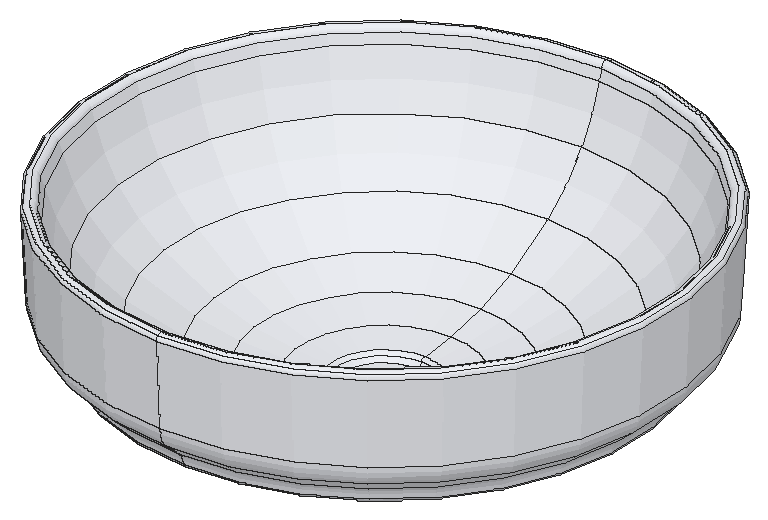
Revit family "876700W SCULPTURAL ROUND 405 INSET BASIN NO TAP LANDING NTH NOF", category Plumbing Fixtures, host Face, Revit 2015
Parameters (values of type "SCULPTURAL ROUND 405 INSET BASIN NO TAP LANDING NTH NOF")
  Waste Connection = yes
  Vent Connection = no
  URL = "https://www.caroma.com.au/"
  Model = "876700W"
  Material_Waste = GWA_Metal-Chrome
  Material_Basin = GWA-Porcelain-White
  Manufacturer = "GWA Bathrooms & Kitchens"  # constant formula
  HW Connection = no
  Description = "SCULPTURAL ROUND 405 INSET BASIN NO TAP LANDING NTH NOF"
  Default Elevation = 0 mm
  CreatedBy_ANZRS = "GWA Bathrooms & Kitchens"  # constant formula
  CW Connection = no
  Assembly Code = "D2010400"
Reference planes
  plane 1 "Center (Front/Back)": y = 0
  plane 2: z = 0
  plane 3 "Center (Left/Right)": x = 0
  plane 4: z = -42.705
Forms (mm)
  Revolve 1, solid, material "GWA-Porcelain-White" <- "Material_Basin"
    sketch origin (0, 3.786, 96.292) x (0, 1, 0) y (0, 0, 1)
      loop
        line (-197.75, -4.927) -> (-195.757, -11.858)
        arc (-195.757, -11.858) -> (-189.172, -30.313) -> (-180.327, -47.798) r 156.159
        arc (-180.327, -47.798) -> (-166.464, -65.475) -> (-149.873, -80.621) r 135.633
        arc (-149.873, -80.621) -> (-133.866, -91.718) -> (-116.816, -101.133) r 191.712
        arc (-116.816, -101.133) -> (-103.533, -107.016) -> (-89.855, -111.907) r 197.536
        arc (-89.855, -111.907) -> (-76.493, -115.493) -> (-62.865, -117.878) r 155.723
        arc (-62.865, -117.878) -> (-51.459, -119.312) -> (-40.059, -120.8) r 2429.634
        arc (-40.059, -120.8) -> (-38.492, -121.275) -> (-37.158, -122.224) r 5.07
        line (-37.158, -122.224) -> (-24.951, -134.431) -> (-24.951, -133.017) -> (-36.453, -121.515)
        arc (-36.453, -121.515) -> (-38.05, -120.378) -> (-39.927, -119.809) r 6.07
        arc (-39.927, -119.809) -> (-51.33, -118.32) -> (-62.74, -116.886) r 2430.634
        arc (-62.74, -116.886) -> (-76.278, -114.516) -> (-89.553, -110.954) r 154.723
        arc (-89.553, -110.954) -> (-103.162, -106.088) -> (-116.377, -100.234) r 196.536
        arc (-116.377, -100.234) -> (-133.339, -90.868) -> (-149.262, -79.829) r 190.712
        arc (-149.262, -79.829) -> (-165.722, -64.804) -> (-179.477, -47.27) r 134.633
        arc (-179.477, -47.27) -> (-188.258, -29.907) -> (-194.796, -11.582) r 155.159
        line (-194.796, -11.582) -> (-196.787, -4.658)
        arc (-196.787, -4.658) -> (-198.415, -2.115) -> (-201.204, -0.958) r 5.043
        arc (-201.204, -0.958) -> (-203.083, -1.133) -> (-204.778, -1.964) r 5.222
        arc (-204.778, -1.964) -> (-205.926, -3.329) -> (-206.337, -5.065) r 3.863
        line (-206.337, -5.065) -> (-203.459, -62.229)
        arc (-203.459, -62.229) -> (-201.396, -70.25) -> (-196.354, -76.821) r 20.703
        arc (-196.354, -76.821) -> (-191.169, -81.008) -> (-186.239, -85.494) r 112.992
        arc (-186.239, -85.494) -> (-183.31, -89.829) -> (-181.514, -94.745) r 21.507
        arc (-181.514, -94.745) -> (-180.81, -95.858) -> (-179.566, -96.292) r 2
        line (-179.566, -96.292) -> (-170.378, -96.292)
        arc (-170.378, -96.292) -> (-169.455, -96.066) -> (-168.74, -95.439) r 2
        line (-168.74, -95.439) -> (-168.175, -94.632) -> (-147.78, -94.632) -> (-139.727, -100.27) -> (-139.727, -99.049) -> (-147.464, -93.632) -> (-168.175, -93.632)
        arc (-168.175, -93.632) -> (-168.637, -93.745) -> (-168.994, -94.058) r 1
        line (-168.994, -94.058) -> (-169.559, -94.866)
        arc (-169.559, -94.866) -> (-169.917, -95.179) -> (-170.378, -95.292) r 1
        line (-170.378, -95.292) -> (-179.566, -95.292)
        arc (-179.566, -95.292) -> (-180.188, -95.075) -> (-180.54, -94.518) r 1
        arc (-180.54, -94.518) -> (-182.429, -89.355) -> (-185.514, -84.804) r 22.507
        arc (-185.514, -84.804) -> (-190.489, -80.274) -> (-195.723, -76.045) r 113.992
        arc (-195.723, -76.045) -> (-200.504, -69.798) -> (-202.46, -62.178) r 19.703
        line (-202.46, -62.178) -> (-205.337, -5.041)
        arc (-205.337, -5.041) -> (-205.027, -3.768) -> (-204.183, -2.767) r 2.863
        arc (-204.183, -2.767) -> (-202.812, -2.095) -> (-201.293, -1.954) r 4.222
        arc (-201.293, -1.954) -> (-199.054, -2.884) -> (-197.75, -4.927) r 4.043
      axis (-3.365, -0.958) -> (-3.365, -134.431)
    angle from 0 to 360
  Revolve 2, solid, material "GWA_Metal-Chrome" <- "Material_Waste"
    sketch origin (0, 3.365, 96.292) x (0, 1, 0) y (0, 0, 1)
      loop
        line (-33.365, -124.207) -> (-33.365, -125.007) -> (-27.138, -126.055)
        arc (-27.138, -126.055) -> (-26.625, -126.307) -> (-26.334, -126.799) r 1
        line (-26.334, -126.799) -> (-25.648, -129.552)
        arc (-25.648, -129.552) -> (-25.273, -130.428) -> (-24.642, -131.143) r 3
        line (-24.642, -131.143) -> (-22.338, -133.039)
        arc (-22.338, -133.039) -> (-22.063, -133.391) -> (-21.965, -133.827) r 1.02
        line (-21.965, -133.827) -> (-21.965, -135.997) -> (-19.529, -135.997) -> (-19.529, -134.623) -> (-20.573, -134.623) -> (-20.573, -132.997)
        arc (-20.573, -132.997) -> (-20.676, -132.556) -> (-20.962, -132.205) r 1
        line (-20.962, -132.205) -> (-24.222, -129.69) -> (-25.589, -124.207) -> (-33.365, -124.207)
      axis (-3.365, -124.207) -> (-3.365, -135.997)
    angle from 0 to 360
  Extrusion 3, solid, material "GWA_Metal-Chrome" <- "Material_Waste"
    sketch origin (0, 0, -38.332) x (-1, 0, 0) y (0, -1, 0)
      loop
        arc (7.025, 2.647) -> (5.309, 5.309) -> (2.647, 7.025) r 7.507
        arc (2.647, 7.025) -> (2.178, 7.392) -> (2, 7.961) r 1
        line (2, 7.961) -> (2, 14.864)
        arc (2, 14.864) -> (2.367, 15.638) -> (3.198, 15.844) r 1
        arc (3.198, 15.844) -> (0, 16.164) -> (-3.198, 15.844) r 16.164
        arc (-3.198, 15.844) -> (-2.367, 15.638) -> (-2, 14.864) r 1
        line (-2, 14.864) -> (-2, 7.961)
        arc (-2, 7.961) -> (-2.178, 7.392) -> (-2.647, 7.025) r 1
        arc (-2.647, 7.025) -> (-5.309, 5.309) -> (-7.025, 2.647) r 7.507
        arc (-7.025, 2.647) -> (-7.392, 2.178) -> (-7.961, 2) r 1
        line (-7.961, 2) -> (-14.864, 2)
        arc (-14.864, 2) -> (-15.638, 2.367) -> (-15.844, 3.198) r 1
        arc (-15.844, 3.198) -> (-16.164, 0) -> (-15.844, -3.198) r 16.164
        arc (-15.844, -3.198) -> (-15.638, -2.367) -> (-14.864, -2) r 1
        line (-14.864, -2) -> (-7.961, -2)
        arc (-7.961, -2) -> (-7.392, -2.178) -> (-7.025, -2.647) r 1
        arc (-7.025, -2.647) -> (-5.309, -5.309) -> (-2.647, -7.025) r 7.507
        arc (-2.647, -7.025) -> (-2.178, -7.392) -> (-2, -7.961) r 1
        line (-2, -7.961) -> (-2, -14.864)
        arc (-2, -14.864) -> (-2.367, -15.638) -> (-3.198, -15.844) r 1
        arc (-3.198, -15.844) -> (0, -16.164) -> (3.198, -15.844) r 16.164
        arc (3.198, -15.844) -> (2.367, -15.638) -> (2, -14.864) r 1
        line (2, -14.864) -> (2, -7.961)
        arc (2, -7.961) -> (2.178, -7.392) -> (2.647, -7.025) r 1
        arc (2.647, -7.025) -> (5.309, -5.309) -> (7.025, -2.647) r 7.507
        arc (7.025, -2.647) -> (7.392, -2.178) -> (7.961, -2) r 1
        line (7.961, -2) -> (14.864, -2)
        arc (14.864, -2) -> (15.638, -2.367) -> (15.844, -3.198) r 1
        arc (15.844, -3.198) -> (16.164, 0) -> (15.844, 3.198) r 16.164
        arc (15.844, 3.198) -> (15.638, 2.367) -> (14.864, 2) r 1
        line (14.864, 2) -> (7.961, 2)
        arc (7.961, 2) -> (7.392, 2.178) -> (7.025, 2.647) r 1
      loop
        circle (0, 0) r 3.428
    from -1.373 to 0
  Revolve 4, solid, material "GWA_Metal-Chrome" <- "Material_Waste"
    sketch origin (0, 3.365, 96.292) x (0, 1, 0) y (0, 0, 1)
      loop
        line (-9.439, -134.623) -> (-6.767, -134.623) -> (-6.767, -125.668) -> (-3.365, -125.668) -> (-3.365, -124.207) -> (-21.927, -124.207)
        arc (-21.927, -124.207) -> (-22.657, -124.937) -> (-21.927, -125.668) r 0.73
        line (-21.927, -125.668) -> (-10.496, -125.668)
        arc (-10.496, -125.668) -> (-9.758, -125.995) -> (-9.508, -126.762) r 0.993
        line (-9.508, -126.762) -> (-9.439, -134.623)
      axis (-3.365, -124.207) -> (-3.365, -134.623)
    angle from 0 to 360
  Extrusion 5, void
    sketch origin (0, 0, 0) x (1, 0, 0) y (0, 1, 0)
      loop
        circle (0, 0.421) r 160
    from -119.695 to 11.488
Cuts and joins
  joined: Revolve 2, Extrusion 3
Lines and regions (mm)
  Masking region 1
    outline origin (395.386, -621.509, 0) x (1, 0, 0) y (0, 1, 0)
      loop
        circle (-395.386, 621.509) r 203.516
  Masking region 2, not visible
    outline origin (0, 0, 0) x (1, 0, 0) y (0, 1, 0)
      loop
        circle (-395.386, 621.509) r 203.516
  Masking region 3
    outline origin (0, 0, -996.138) x (0, 1, 0) y (0, 0, 1)
      loop
        arc (-199.673, 1030.201) -> (-197.61, 1022.18) -> (-192.568, 1015.609) r 20.703
        line (-192.568, 1015.609) -> (-182.578, 1006.936)
        arc (-182.578, 1006.936) -> (-179.674, 1002.456) -> (-177.609, 997.532) r 30
        arc (-177.609, 997.532) -> (-176.884, 996.524) -> (-175.703, 996.138) r 2
        line (-175.703, 996.138) -> (175.703, 996.138)
        arc (175.703, 996.138) -> (176.884, 996.524) -> (177.609, 997.532) r 2
        arc (177.609, 997.532) -> (179.674, 1002.456) -> (182.578, 1006.936) r 30
        line (182.578, 1006.936) -> (192.568, 1015.609)
        arc (192.568, 1015.609) -> (197.61, 1022.18) -> (199.673, 1030.201) r 20.703
        line (199.673, 1030.201) -> (202.547, 1087.291)
        arc (202.547, 1087.291) -> (201.451, 1090.249) -> (198.553, 1091.492) r 4
        line (198.553, 1091.492) -> (-198.553, 1091.492)
        arc (-198.553, 1091.492) -> (-201.451, 1090.249) -> (-202.547, 1087.291) r 4
        line (-202.547, 1087.291) -> (-199.673, 1030.201)
  Masking region 4
    outline origin (0, 0, -1092.131) x (1, 0, 0) y (0, 0, 1)
      loop
        line (198.973, 1187.484) -> (-198.973, 1187.484)
        arc (-198.973, 1187.484) -> (-201.872, 1186.24) -> (-202.968, 1183.282) r 4
        line (-202.968, 1183.282) -> (-200.093, 1126.192)
        arc (-200.093, 1126.192) -> (-198.054, 1118.159) -> (-192.989, 1111.6) r 20.409
        line (-192.989, 1111.6) -> (-182.874, 1102.928)
        arc (-182.874, 1102.928) -> (-179.948, 1098.59) -> (-178.149, 1093.676) r 21.65
        arc (-178.149, 1093.676) -> (-177.475, 1092.589) -> (-176.281, 1092.131) r 2.004
        line (-176.281, 1092.131) -> (176.281, 1092.131)
        arc (176.281, 1092.131) -> (177.475, 1092.589) -> (178.149, 1093.676) r 2.004
        arc (178.149, 1093.676) -> (179.948, 1098.59) -> (182.874, 1102.928) r 21.65
        line (182.874, 1102.928) -> (192.989, 1111.6)
        arc (192.989, 1111.6) -> (198.054, 1118.159) -> (200.093, 1126.192) r 20.409
        line (200.093, 1126.192) -> (202.968, 1183.282)
        arc (202.968, 1183.282) -> (201.872, 1186.24) -> (198.973, 1187.484) r 4
  symbolic lines, style "0"
    curve 1: arc (15.844, -3.198, 0) -> (15.638, -2.367, 0) -> (14.864, -2, 0) r 1
    curve 2: arc (-3.198, -15.844, 0) -> (-2.367, -15.638, 0) -> (-2, -14.864, 0) r 1
    curve 3: arc (-2, -7.961, 0) -> (-2.178, -7.392, 0) -> (-2.647, -7.025, 0) r 1
    curve 4: arc (-7.025, -2.647, 0) -> (-7.392, -2.178, 0) -> (-7.961, -2, 0) r 1
    curve 5: arc (-15.844, -3.198, 0) -> (-11.429, -11.429, 0) -> (-3.198, -15.844, 0) r 16.164
    curve 6: arc (-14.864, -2, 0) -> (-15.638, -2.367, 0) -> (-15.844, -3.198, 0) r 1
    curve 7: arc (-7.025, -2.647, 0) -> (-5.309, -5.309, 0) -> (-2.647, -7.025, 0) r 7.507
    curve 8: arc (-3.198, 15.844, 0) -> (-11.429, 11.429, 0) -> (-15.844, 3.198, 0) r 16.164
    curve 9: arc (-2, 14.864, 0) -> (-2.367, 15.638, 0) -> (-3.198, 15.844, 0) r 1
    curve 10: arc (-2.647, 7.025, 0) -> (-2.178, 7.392, 0) -> (-2, 7.961, 0) r 1
    curve 11: arc (-2.647, 7.025, 0) -> (-5.309, 5.309, 0) -> (-7.025, 2.647, 0) r 7.507
    curve 12: arc (-7.961, 2, 0) -> (-7.392, 2.178, 0) -> (-7.025, 2.647, 0) r 1
    curve 13: arc (-15.844, 3.198, 0) -> (-15.638, 2.367, 0) -> (-14.864, 2, 0) r 1
    curve 14: arc (3.198, -15.844, 0) -> (11.429, -11.429, 0) -> (15.844, -3.198, 0) r 16.164
    curve 15: arc (2, -14.864, 0) -> (2.367, -15.638, 0) -> (3.198, -15.844, 0) r 1
    curve 16: arc (2.647, -7.025, 0) -> (2.178, -7.392, 0) -> (2, -7.961, 0) r 1
    curve 17: arc (2.647, -7.025, 0) -> (5.309, -5.309, 0) -> (7.025, -2.647, 0) r 7.507
    curve 18: arc (7.961, -2, 0) -> (7.392, -2.178, 0) -> (7.025, -2.647, 0) r 1
    curve 19: arc (3.198, 15.844, 0) -> (2.367, 15.638, 0) -> (2, 14.864, 0) r 1
    curve 20: arc (15.844, 3.198, 0) -> (11.429, 11.429, 0) -> (3.198, 15.844, 0) r 16.164
    curve 21: arc (14.864, 2, 0) -> (15.638, 2.367, 0) -> (15.844, 3.198, 0) r 1
    curve 22: arc (7.025, 2.647, 0) -> (7.392, 2.178, 0) -> (7.961, 2, 0) r 1
    curve 23: arc (7.025, 2.647, 0) -> (5.309, 5.309, 0) -> (2.647, 7.025, 0) r 7.507
    curve 24: arc (2, 7.961, 0) -> (2.178, 7.392, 0) -> (2.647, 7.025, 0) r 1
    curve 25: line (-14.864, -2, 0) -> (-7.961, -2, 0)
    curve 26: line (-2, -7.961, 0) -> (-2, -14.864, 0)
    curve 27: line (-2, 14.864, 0) -> (-2, 7.961, 0)
    curve 28: line (-7.961, 2, 0) -> (-14.864, 2, 0)
    curve 29: line (2, -14.864, 0) -> (2, -7.961, 0)
    curve 30: line (7.961, -2, 0) -> (14.864, -2, 0)
    curve 31: line (14.864, 2, 0) -> (7.961, 2, 0)
    curve 32: line (2, 7.961, 0) -> (2, 14.864, 0)
    curve 33: circle (0, 0, 0) r 17.208 normal (0, 0, 1)
    curve 34: circle (0, 0, 0) r 6.142 normal (0, 0, 1)
    curve 35: circle (0, 0, 0) r 3.428 normal (0, 0, 1)
  symbolic lines, style "0", not visible
    curve 36: arc (-379.542, 618.311, 0) -> (-379.749, 619.142, 0) -> (-380.522, 619.509, 0) r 1
    curve 37: arc (-398.584, 605.665, 0) -> (-397.753, 605.871, 0) -> (-397.386, 606.645, 0) r 1
    curve 38: arc (-397.386, 613.548, 0) -> (-397.564, 614.117, 0) -> (-398.034, 614.484, 0) r 1
    curve 39: arc (-402.411, 618.862, 0) -> (-402.778, 619.331, 0) -> (-403.347, 619.509, 0) r 1
    curve 40: arc (-411.23, 618.311, 0) -> (-406.816, 610.08, 0) -> (-398.584, 605.665, 0) r 16.164
    curve 41: arc (-410.25, 619.509, 0) -> (-411.024, 619.142, 0) -> (-411.23, 618.311, 0) r 1
    curve 42: arc (-402.411, 618.862, 0) -> (-400.695, 616.2, 0) -> (-398.034, 614.484, 0) r 7.507
    curve 43: arc (-398.584, 637.353, 0) -> (-406.816, 632.938, 0) -> (-411.23, 624.707, 0) r 16.164
    curve 44: arc (-397.386, 636.373, 0) -> (-397.753, 637.147, 0) -> (-398.584, 637.353, 0) r 1
    curve 45: arc (-398.034, 628.534, 0) -> (-397.564, 628.901, 0) -> (-397.386, 629.47, 0) r 1
    curve 46: arc (-398.034, 628.534, 0) -> (-400.695, 626.817, 0) -> (-402.411, 624.156, 0) r 7.507
    curve 47: arc (-403.347, 623.509, 0) -> (-402.778, 623.687, 0) -> (-402.411, 624.156, 0) r 1
    curve 48: arc (-411.23, 624.707, 0) -> (-411.024, 623.876, 0) -> (-410.25, 623.509, 0) r 1
    curve 49: arc (-392.188, 605.665, 0) -> (-383.957, 610.08, 0) -> (-379.542, 618.311, 0) r 16.164
    curve 50: arc (-393.386, 606.645, 0) -> (-393.02, 605.871, 0) -> (-392.188, 605.665, 0) r 1
    curve 51: arc (-392.739, 614.484, 0) -> (-393.209, 614.117, 0) -> (-393.386, 613.548, 0) r 1
    curve 52: arc (-392.739, 614.484, 0) -> (-390.078, 616.2, 0) -> (-388.361, 618.862, 0) r 7.507
    curve 53: arc (-387.425, 619.509, 0) -> (-387.994, 619.331, 0) -> (-388.361, 618.862, 0) r 1
    curve 54: arc (-392.188, 637.353, 0) -> (-393.02, 637.147, 0) -> (-393.386, 636.373, 0) r 1
    curve 55: arc (-379.542, 624.707, 0) -> (-383.957, 632.938, 0) -> (-392.188, 637.353, 0) r 16.164
    curve 56: arc (-380.522, 623.509, 0) -> (-379.749, 623.876, 0) -> (-379.542, 624.707, 0) r 1
    curve 57: arc (-388.361, 624.156, 0) -> (-387.994, 623.687, 0) -> (-387.425, 623.509, 0) r 1
    curve 58: arc (-388.361, 624.156, 0) -> (-390.078, 626.817, 0) -> (-392.739, 628.534, 0) r 7.507
    curve 59: arc (-393.386, 629.47, 0) -> (-393.209, 628.901, 0) -> (-392.739, 628.534, 0) r 1
    curve 60: line (-410.25, 619.509, 0) -> (-403.347, 619.509, 0)
    curve 61: line (-397.386, 613.548, 0) -> (-397.386, 606.645, 0)
    curve 62: line (-397.386, 636.373, 0) -> (-397.386, 629.47, 0)
    curve 63: line (-403.347, 623.509, 0) -> (-410.25, 623.509, 0)
    curve 64: line (-393.386, 606.645, 0) -> (-393.386, 613.548, 0)
    curve 65: line (-387.425, 619.509, 0) -> (-380.522, 619.509, 0)
    curve 66: line (-380.522, 623.509, 0) -> (-387.425, 623.509, 0)
    curve 67: line (-393.386, 629.47, 0) -> (-393.386, 636.373, 0)
    curve 68: circle (-395.386, 621.509, 0) r 17.208 normal (0, 0, 1)
    curve 69: circle (-395.386, 621.509, 0) r 6.142 normal (0, 0, 1)
    curve 70: circle (-395.386, 621.509, 0) r 3.428 normal (0, 0, 1)
Dimensions and locks
  aligned and locked: plane 2 to host face
  aligned and locked: level to host face
Connectors
  piping at (0, 0, -38.332), diameter 40
    settings: on Revolve 2, index 1, connector inside diameter 609.6 mm, connector length 0 mm, flow factor 0, pipe flow 0.0 L/s, pressure drop 0.0 Pa, fitting loss kfactor 0, connector angle 0.00°, fixture units 0, engagement length 0 mm, angle of deflection 0.00°, flow configuration 3, flow direction 2, fitting loss method 0, system type 16, joint type 0, gender type 0, connector reference index -1, connector utility 0, adjustable connector no, is connector primary yes, connector description ""
